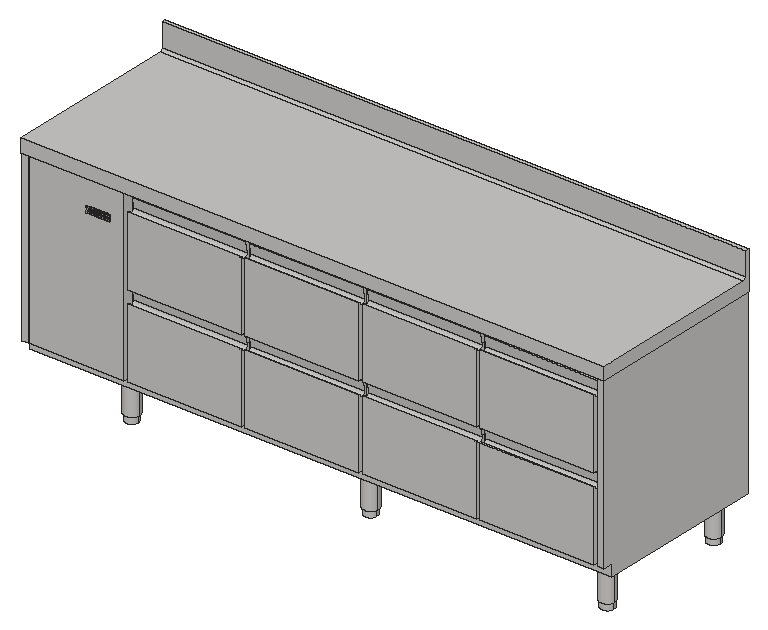
Revit family "QF_ZANUSSI_111064_ZH4H3BBBB", category Specialty Equipment, Revit 2018 (continued)
Definition of nested family "ZAN_Cooling Unit"
  Lines and regions (mm)
    Split face 127
      outline origin (55.016, 2, -269.136) x (0, 0, 1) y (-1, 0, 0)
        loop
          arc (510.649, 158.547) -> (506.648, 162.548) -> (502.647, 158.547) r 4.001
          line (502.647, 158.547) -> (502.647, 116.535)
          arc (502.647, 116.535) -> (506.648, 112.533) -> (510.649, 116.535) r 4.001
          line (510.649, 116.535) -> (510.649, 158.547)
    Split face 128
      outline origin (55.016, 2, -281.14) x (0, 0, 1) y (-1, 0, 0)
        loop
          arc (510.649, 158.547) -> (506.648, 162.548) -> (502.647, 158.547) r 4.001
          line (502.647, 158.547) -> (502.647, 116.535)
          arc (502.647, 116.535) -> (506.648, 112.533) -> (510.649, 116.535) r 4.001
          line (510.649, 116.535) -> (510.649, 158.547)
    Split face 129
      outline origin (55.016, 2, -293.144) x (0, 0, 1) y (-1, 0, 0)
        loop
          arc (510.649, 158.547) -> (506.648, 162.548) -> (502.647, 158.547) r 4.001
          line (502.647, 158.547) -> (502.647, 116.535)
          arc (502.647, 116.535) -> (506.648, 112.533) -> (510.649, 116.535) r 4.001
          line (510.649, 116.535) -> (510.649, 158.547)
    Split face 130
      outline origin (110.032, 2, -113.091) x (0, 0, 1) y (-1, 0, 0)
        loop
          arc (510.649, 158.547) -> (506.648, 162.548) -> (502.647, 158.547) r 4.001
          line (502.647, 158.547) -> (502.647, 116.535)
          arc (502.647, 116.535) -> (506.648, 112.533) -> (510.649, 116.535) r 4.001
          line (510.649, 116.535) -> (510.649, 158.547)
    Split face 131
      outline origin (110.032, 2, -125.094) x (0, 0, 1) y (-1, 0, 0)
        loop
          arc (510.649, 158.547) -> (506.648, 162.548) -> (502.647, 158.547) r 4.001
          line (502.647, 158.547) -> (502.647, 116.535)
          arc (502.647, 116.535) -> (506.648, 112.533) -> (510.649, 116.535) r 4.001
          line (510.649, 116.535) -> (510.649, 158.547)
    Split face 132
      outline origin (110.032, 2, -137.098) x (0, 0, 1) y (-1, 0, 0)
        loop
          arc (510.649, 158.547) -> (506.648, 162.548) -> (502.647, 158.547) r 4.001
          line (502.647, 158.547) -> (502.647, 116.535)
          arc (502.647, 116.535) -> (506.648, 112.533) -> (510.649, 116.535) r 4.001
          line (510.649, 116.535) -> (510.649, 158.547)
    Split face 133
      outline origin (110.032, 2, -149.101) x (0, 0, 1) y (-1, 0, 0)
        loop
          arc (510.649, 158.547) -> (506.648, 162.548) -> (502.647, 158.547) r 4.001
          line (502.647, 158.547) -> (502.647, 116.535)
          arc (502.647, 116.535) -> (506.648, 112.533) -> (510.649, 116.535) r 4.001
          line (510.649, 116.535) -> (510.649, 158.547)
    Split face 134
      outline origin (110.032, 2, -161.105) x (0, 0, 1) y (-1, 0, 0)
        loop
          arc (510.649, 158.547) -> (506.648, 162.548) -> (502.647, 158.547) r 4.001
          line (502.647, 158.547) -> (502.647, 116.535)
          arc (502.647, 116.535) -> (506.648, 112.533) -> (510.649, 116.535) r 4.001
          line (510.649, 116.535) -> (510.649, 158.547)
    Split face 135
      outline origin (110.032, 2, -173.108) x (0, 0, 1) y (-1, 0, 0)
        loop
          arc (510.649, 158.547) -> (506.648, 162.548) -> (502.647, 158.547) r 4.001
          line (502.647, 158.547) -> (502.647, 116.535)
          arc (502.647, 116.535) -> (506.648, 112.533) -> (510.649, 116.535) r 4.001
          line (510.649, 116.535) -> (510.649, 158.547)
    Split face 136
      outline origin (110.032, 2, -185.112) x (0, 0, 1) y (-1, 0, 0)
        loop
          arc (510.649, 158.547) -> (506.648, 162.548) -> (502.647, 158.547) r 4.001
          line (502.647, 158.547) -> (502.647, 116.535)
          arc (502.647, 116.535) -> (506.648, 112.533) -> (510.649, 116.535) r 4.001
          line (510.649, 116.535) -> (510.649, 158.547)
    Split face 137
      outline origin (110.032, 2, -197.115) x (0, 0, 1) y (-1, 0, 0)
        loop
          arc (510.649, 158.547) -> (506.648, 162.548) -> (502.647, 158.547) r 4.001
          line (502.647, 158.547) -> (502.647, 116.535)
          arc (502.647, 116.535) -> (506.648, 112.533) -> (510.649, 116.535) r 4.001
          line (510.649, 116.535) -> (510.649, 158.547)
    Split face 138
      outline origin (110.032, 2, -209.119) x (0, 0, 1) y (-1, 0, 0)
        loop
          arc (510.649, 158.547) -> (506.648, 162.548) -> (502.647, 158.547) r 4.001
          line (502.647, 158.547) -> (502.647, 116.535)
          arc (502.647, 116.535) -> (506.648, 112.533) -> (510.649, 116.535) r 4.001
          line (510.649, 116.535) -> (510.649, 158.547)
    Split face 139
      outline origin (110.032, 2, -221.122) x (0, 0, 1) y (-1, 0, 0)
        loop
          arc (510.649, 158.547) -> (506.648, 162.548) -> (502.647, 158.547) r 4.001
          line (502.647, 158.547) -> (502.647, 116.535)
          arc (502.647, 116.535) -> (506.648, 112.533) -> (510.649, 116.535) r 4.001
          line (510.649, 116.535) -> (510.649, 158.547)
    Split face 140
      outline origin (110.032, 2, -233.126) x (0, 0, 1) y (-1, 0, 0)
        loop
          arc (510.649, 158.547) -> (506.648, 162.548) -> (502.647, 158.547) r 4.001
          line (502.647, 158.547) -> (502.647, 116.535)
          arc (502.647, 116.535) -> (506.648, 112.533) -> (510.649, 116.535) r 4.001
          line (510.649, 116.535) -> (510.649, 158.547)
    Split face 141
      outline origin (110.032, 2, -245.129) x (0, 0, 1) y (-1, 0, 0)
        loop
          arc (510.649, 158.547) -> (506.648, 162.548) -> (502.647, 158.547) r 4.001
          line (502.647, 158.547) -> (502.647, 116.535)
          arc (502.647, 116.535) -> (506.648, 112.533) -> (510.649, 116.535) r 4.001
          line (510.649, 116.535) -> (510.649, 158.547)
    Split face 142
      outline origin (110.032, 2, -257.133) x (0, 0, 1) y (-1, 0, 0)
        loop
          arc (510.649, 158.547) -> (506.648, 162.548) -> (502.647, 158.547) r 4.001
          line (502.647, 158.547) -> (502.647, 116.535)
          arc (502.647, 116.535) -> (506.648, 112.533) -> (510.649, 116.535) r 4.001
          line (510.649, 116.535) -> (510.649, 158.547)
    Split face 143
      outline origin (110.032, 2, -269.136) x (0, 0, 1) y (-1, 0, 0)
        loop
          arc (510.649, 158.547) -> (506.648, 162.548) -> (502.647, 158.547) r 4.001
          line (502.647, 158.547) -> (502.647, 116.535)
          arc (502.647, 116.535) -> (506.648, 112.533) -> (510.649, 116.535) r 4.001
          line (510.649, 116.535) -> (510.649, 158.547)
    Split face 144
      outline origin (110.032, 2, -281.14) x (0, 0, 1) y (-1, 0, 0)
        loop
          arc (510.649, 158.547) -> (506.648, 162.548) -> (502.647, 158.547) r 4.001
          line (502.647, 158.547) -> (502.647, 116.535)
          arc (502.647, 116.535) -> (506.648, 112.533) -> (510.649, 116.535) r 4.001
          line (510.649, 116.535) -> (510.649, 158.547)
    Split face 145
      outline origin (110.032, 2, -293.144) x (0, 0, 1) y (-1, 0, 0)
        loop
          arc (510.649, 158.547) -> (506.648, 162.548) -> (502.647, 158.547) r 4.001
          line (502.647, 158.547) -> (502.647, 116.535)
          arc (502.647, 116.535) -> (506.648, 112.533) -> (510.649, 116.535) r 4.001
          line (510.649, 116.535) -> (510.649, 158.547)
    Split face 146
      outline origin (165.048, 2, -113.091) x (0, 0, 1) y (-1, 0, 0)
        loop
          arc (510.649, 158.547) -> (506.648, 162.548) -> (502.647, 158.547) r 4.001
          line (502.647, 158.547) -> (502.647, 116.535)
          arc (502.647, 116.535) -> (506.648, 112.533) -> (510.649, 116.535) r 4.001
          line (510.649, 116.535) -> (510.649, 158.547)
    Split face 147
      outline origin (165.048, 2, -125.094) x (0, 0, 1) y (-1, 0, 0)
        loop
          arc (510.649, 158.547) -> (506.648, 162.548) -> (502.647, 158.547) r 4.001
          line (502.647, 158.547) -> (502.647, 116.535)
          arc (502.647, 116.535) -> (506.648, 112.533) -> (510.649, 116.535) r 4.001
          line (510.649, 116.535) -> (510.649, 158.547)
    Split face 148
      outline origin (165.048, 2, -137.098) x (0, 0, 1) y (-1, 0, 0)
        loop
          arc (510.649, 158.547) -> (506.648, 162.548) -> (502.647, 158.547) r 4.001
          line (502.647, 158.547) -> (502.647, 116.535)
          arc (502.647, 116.535) -> (506.648, 112.533) -> (510.649, 116.535) r 4.001
          line (510.649, 116.535) -> (510.649, 158.547)
    Split face 149
      outline origin (165.048, 2, -149.101) x (0, 0, 1) y (-1, 0, 0)
        loop
          arc (510.649, 158.547) -> (506.648, 162.548) -> (502.647, 158.547) r 4.001
          line (502.647, 158.547) -> (502.647, 116.535)
          arc (502.647, 116.535) -> (506.648, 112.533) -> (510.649, 116.535) r 4.001
          line (510.649, 116.535) -> (510.649, 158.547)
    Split face 150
      outline origin (165.048, 2, -161.105) x (0, 0, 1) y (-1, 0, 0)
        loop
          arc (510.649, 158.547) -> (506.648, 162.548) -> (502.647, 158.547) r 4.001
          line (502.647, 158.547) -> (502.647, 116.535)
          arc (502.647, 116.535) -> (506.648, 112.533) -> (510.649, 116.535) r 4.001
          line (510.649, 116.535) -> (510.649, 158.547)
    Split face 151
      outline origin (165.048, 2, -173.108) x (0, 0, 1) y (-1, 0, 0)
        loop
          arc (510.649, 158.547) -> (506.648, 162.548) -> (502.647, 158.547) r 4.001
          line (502.647, 158.547) -> (502.647, 116.535)
          arc (502.647, 116.535) -> (506.648, 112.533) -> (510.649, 116.535) r 4.001
          line (510.649, 116.535) -> (510.649, 158.547)
    Split face 152
      outline origin (165.048, 2, -185.112) x (0, 0, 1) y (-1, 0, 0)
        loop
          arc (510.649, 158.547) -> (506.648, 162.548) -> (502.647, 158.547) r 4.001
          line (502.647, 158.547) -> (502.647, 116.535)
          arc (502.647, 116.535) -> (506.648, 112.533) -> (510.649, 116.535) r 4.001
          line (510.649, 116.535) -> (510.649, 158.547)
    Split face 153
      outline origin (165.048, 2, -197.115) x (0, 0, 1) y (-1, 0, 0)
        loop
          arc (510.649, 158.547) -> (506.648, 162.548) -> (502.647, 158.547) r 4.001
          line (502.647, 158.547) -> (502.647, 116.535)
          arc (502.647, 116.535) -> (506.648, 112.533) -> (510.649, 116.535) r 4.001
          line (510.649, 116.535) -> (510.649, 158.547)
    Split face 154
      outline origin (165.048, 2, -209.119) x (0, 0, 1) y (-1, 0, 0)
        loop
          arc (510.649, 158.547) -> (506.648, 162.548) -> (502.647, 158.547) r 4.001
          line (502.647, 158.547) -> (502.647, 116.535)
          arc (502.647, 116.535) -> (506.648, 112.533) -> (510.649, 116.535) r 4.001
          line (510.649, 116.535) -> (510.649, 158.547)
    Split face 155
      outline origin (165.048, 2, -221.122) x (0, 0, 1) y (-1, 0, 0)
        loop
          arc (510.649, 158.547) -> (506.648, 162.548) -> (502.647, 158.547) r 4.001
          line (502.647, 158.547) -> (502.647, 116.535)
          arc (502.647, 116.535) -> (506.648, 112.533) -> (510.649, 116.535) r 4.001
          line (510.649, 116.535) -> (510.649, 158.547)
    Split face 156
      outline origin (165.048, 2, -233.126) x (0, 0, 1) y (-1, 0, 0)
        loop
          arc (510.649, 158.547) -> (506.648, 162.548) -> (502.647, 158.547) r 4.001
          line (502.647, 158.547) -> (502.647, 116.535)
          arc (502.647, 116.535) -> (506.648, 112.533) -> (510.649, 116.535) r 4.001
          line (510.649, 116.535) -> (510.649, 158.547)
    Split face 157
      outline origin (165.048, 2, -245.129) x (0, 0, 1) y (-1, 0, 0)
        loop
          arc (510.649, 158.547) -> (506.648, 162.548) -> (502.647, 158.547) r 4.001
          line (502.647, 158.547) -> (502.647, 116.535)
          arc (502.647, 116.535) -> (506.648, 112.533) -> (510.649, 116.535) r 4.001
          line (510.649, 116.535) -> (510.649, 158.547)
    Split face 158
      outline origin (165.048, 2, -257.133) x (0, 0, 1) y (-1, 0, 0)
        loop
          arc (510.649, 158.547) -> (506.648, 162.548) -> (502.647, 158.547) r 4.001
          line (502.647, 158.547) -> (502.647, 116.535)
          arc (502.647, 116.535) -> (506.648, 112.533) -> (510.649, 116.535) r 4.001
          line (510.649, 116.535) -> (510.649, 158.547)
    Split face 159
      outline origin (165.048, 2, -269.136) x (0, 0, 1) y (-1, 0, 0)
        loop
          arc (510.649, 158.547) -> (506.648, 162.548) -> (502.647, 158.547) r 4.001
          line (502.647, 158.547) -> (502.647, 116.535)
          arc (502.647, 116.535) -> (506.648, 112.533) -> (510.649, 116.535) r 4.001
          line (510.649, 116.535) -> (510.649, 158.547)
    Split face 160
      outline origin (165.048, 2, -281.14) x (0, 0, 1) y (-1, 0, 0)
        loop
          arc (510.649, 158.547) -> (506.648, 162.548) -> (502.647, 158.547) r 4.001
          line (502.647, 158.547) -> (502.647, 116.535)
          arc (502.647, 116.535) -> (506.648, 112.533) -> (510.649, 116.535) r 4.001
          line (510.649, 116.535) -> (510.649, 158.547)
    Split face 161
      outline origin (165.048, 2, -293.144) x (0, 0, 1) y (-1, 0, 0)
        loop
          arc (510.649, 158.547) -> (506.648, 162.548) -> (502.647, 158.547) r 4.001
          line (502.647, 158.547) -> (502.647, 116.535)
          arc (502.647, 116.535) -> (506.648, 112.533) -> (510.649, 116.535) r 4.001
          line (510.649, 116.535) -> (510.649, 158.547)
    Split face 162
      outline origin (220.064, 2, -113.091) x (0, 0, 1) y (-1, 0, 0)
        loop
          arc (510.649, 158.547) -> (506.648, 162.548) -> (502.647, 158.547) r 4.001
          line (502.647, 158.547) -> (502.647, 116.535)
          arc (502.647, 116.535) -> (506.648, 112.533) -> (510.649, 116.535) r 4.001
          line (510.649, 116.535) -> (510.649, 158.547)
    Split face 163
      outline origin (220.064, 2, -125.094) x (0, 0, 1) y (-1, 0, 0)
        loop
          arc (510.649, 158.547) -> (506.648, 162.548) -> (502.647, 158.547) r 4.001
          line (502.647, 158.547) -> (502.647, 116.535)
          arc (502.647, 116.535) -> (506.648, 112.533) -> (510.649, 116.535) r 4.001
          line (510.649, 116.535) -> (510.649, 158.547)
    Split face 164
      outline origin (220.064, 2, -137.098) x (0, 0, 1) y (-1, 0, 0)
        loop
          arc (510.649, 158.547) -> (506.648, 162.548) -> (502.647, 158.547) r 4.001
          line (502.647, 158.547) -> (502.647, 116.535)
          arc (502.647, 116.535) -> (506.648, 112.533) -> (510.649, 116.535) r 4.001
          line (510.649, 116.535) -> (510.649, 158.547)
    Split face 165
      outline origin (220.064, 2, -149.101) x (0, 0, 1) y (-1, 0, 0)
        loop
          arc (510.649, 158.547) -> (506.648, 162.548) -> (502.647, 158.547) r 4.001
          line (502.647, 158.547) -> (502.647, 116.535)
          arc (502.647, 116.535) -> (506.648, 112.533) -> (510.649, 116.535) r 4.001
          line (510.649, 116.535) -> (510.649, 158.547)
    Split face 166
      outline origin (220.064, 2, -161.105) x (0, 0, 1) y (-1, 0, 0)
        loop
          arc (510.649, 158.547) -> (506.648, 162.548) -> (502.647, 158.547) r 4.001
          line (502.647, 158.547) -> (502.647, 116.535)
          arc (502.647, 116.535) -> (506.648, 112.533) -> (510.649, 116.535) r 4.001
          line (510.649, 116.535) -> (510.649, 158.547)
    Split face 167
      outline origin (220.064, 2, -173.108) x (0, 0, 1) y (-1, 0, 0)
        loop
          arc (510.649, 158.547) -> (506.648, 162.548) -> (502.647, 158.547) r 4.001
          line (502.647, 158.547) -> (502.647, 116.535)
          arc (502.647, 116.535) -> (506.648, 112.533) -> (510.649, 116.535) r 4.001
          line (510.649, 116.535) -> (510.649, 158.547)
    Split face 168
      outline origin (220.064, 2, -185.112) x (0, 0, 1) y (-1, 0, 0)
        loop
          arc (510.649, 158.547) -> (506.648, 162.548) -> (502.647, 158.547) r 4.001
          line (502.647, 158.547) -> (502.647, 116.535)
          arc (502.647, 116.535) -> (506.648, 112.533) -> (510.649, 116.535) r 4.001
          line (510.649, 116.535) -> (510.649, 158.547)
    Split face 169
      outline origin (220.064, 2, -197.115) x (0, 0, 1) y (-1, 0, 0)
        loop
          arc (510.649, 158.547) -> (506.648, 162.548) -> (502.647, 158.547) r 4.001
          line (502.647, 158.547) -> (502.647, 116.535)
          arc (502.647, 116.535) -> (506.648, 112.533) -> (510.649, 116.535) r 4.001
          line (510.649, 116.535) -> (510.649, 158.547)
    Split face 170
      outline origin (220.064, 2, -209.119) x (0, 0, 1) y (-1, 0, 0)
        loop
          arc (510.649, 158.547) -> (506.648, 162.548) -> (502.647, 158.547) r 4.001
          line (502.647, 158.547) -> (502.647, 116.535)
          arc (502.647, 116.535) -> (506.648, 112.533) -> (510.649, 116.535) r 4.001
          line (510.649, 116.535) -> (510.649, 158.547)
    Split face 171
      outline origin (220.064, 2, -221.122) x (0, 0, 1) y (-1, 0, 0)
        loop
          arc (510.649, 158.547) -> (506.648, 162.548) -> (502.647, 158.547) r 4.001
          line (502.647, 158.547) -> (502.647, 116.535)
          arc (502.647, 116.535) -> (506.648, 112.533) -> (510.649, 116.535) r 4.001
          line (510.649, 116.535) -> (510.649, 158.547)
    Split face 172
      outline origin (220.064, 2, -233.126) x (0, 0, 1) y (-1, 0, 0)
        loop
          arc (510.649, 158.547) -> (506.648, 162.548) -> (502.647, 158.547) r 4.001
          line (502.647, 158.547) -> (502.647, 116.535)
          arc (502.647, 116.535) -> (506.648, 112.533) -> (510.649, 116.535) r 4.001
          line (510.649, 116.535) -> (510.649, 158.547)
    Split face 173
      outline origin (220.064, 2, -245.129) x (0, 0, 1) y (-1, 0, 0)
        loop
          arc (510.649, 158.547) -> (506.648, 162.548) -> (502.647, 158.547) r 4.001
          line (502.647, 158.547) -> (502.647, 116.535)
          arc (502.647, 116.535) -> (506.648, 112.533) -> (510.649, 116.535) r 4.001
          line (510.649, 116.535) -> (510.649, 158.547)
    Split face 174
      outline origin (220.064, 2, -257.133) x (0, 0, 1) y (-1, 0, 0)
        loop
          arc (510.649, 158.547) -> (506.648, 162.548) -> (502.647, 158.547) r 4.001
          line (502.647, 158.547) -> (502.647, 116.535)
          arc (502.647, 116.535) -> (506.648, 112.533) -> (510.649, 116.535) r 4.001
          line (510.649, 116.535) -> (510.649, 158.547)
    Split face 175
      outline origin (220.064, 2, -269.136) x (0, 0, 1) y (-1, 0, 0)
        loop
          arc (510.649, 158.547) -> (506.648, 162.548) -> (502.647, 158.547) r 4.001
          line (502.647, 158.547) -> (502.647, 116.535)
          arc (502.647, 116.535) -> (506.648, 112.533) -> (510.649, 116.535) r 4.001
          line (510.649, 116.535) -> (510.649, 158.547)
    Split face 176
      outline origin (220.064, 2, -281.14) x (0, 0, 1) y (-1, 0, 0)
        loop
          arc (510.649, 158.547) -> (506.648, 162.548) -> (502.647, 158.547) r 4.001
          line (502.647, 158.547) -> (502.647, 116.535)
          arc (502.647, 116.535) -> (506.648, 112.533) -> (510.649, 116.535) r 4.001
          line (510.649, 116.535) -> (510.649, 158.547)
    Split face 177
      outline origin (220.064, 2, -293.144) x (0, 0, 1) y (-1, 0, 0)
        loop
          arc (510.649, 158.547) -> (506.648, 162.548) -> (502.647, 158.547) r 4.001
          line (502.647, 158.547) -> (502.647, 116.535)
          arc (502.647, 116.535) -> (506.648, 112.533) -> (510.649, 116.535) r 4.001
          line (510.649, 116.535) -> (510.649, 158.547)
    Split face 178
      outline origin (275.081, 2, -113.091) x (0, 0, 1) y (-1, 0, 0)
        loop
          arc (510.649, 158.547) -> (506.648, 162.548) -> (502.647, 158.547) r 4.001
          line (502.647, 158.547) -> (502.647, 116.535)
          arc (502.647, 116.535) -> (506.648, 112.533) -> (510.649, 116.535) r 4.001
          line (510.649, 116.535) -> (510.649, 158.547)
    Split face 179
      outline origin (275.081, 2, -125.094) x (0, 0, 1) y (-1, 0, 0)
        loop
          arc (510.649, 158.547) -> (506.648, 162.548) -> (502.647, 158.547) r 4.001
          line (502.647, 158.547) -> (502.647, 116.535)
          arc (502.647, 116.535) -> (506.648, 112.533) -> (510.649, 116.535) r 4.001
          line (510.649, 116.535) -> (510.649, 158.547)
    Split face 180
      outline origin (275.081, 2, -137.098) x (0, 0, 1) y (-1, 0, 0)
        loop
          arc (510.649, 158.547) -> (506.648, 162.548) -> (502.647, 158.547) r 4.001
          line (502.647, 158.547) -> (502.647, 116.535)
          arc (502.647, 116.535) -> (506.648, 112.533) -> (510.649, 116.535) r 4.001
          line (510.649, 116.535) -> (510.649, 158.547)
    Split face 181
      outline origin (275.081, 2, -149.101) x (0, 0, 1) y (-1, 0, 0)
        loop
          arc (510.649, 158.547) -> (506.648, 162.548) -> (502.647, 158.547) r 4.001
          line (502.647, 158.547) -> (502.647, 116.535)
          arc (502.647, 116.535) -> (506.648, 112.533) -> (510.649, 116.535) r 4.001
          line (510.649, 116.535) -> (510.649, 158.547)
    Split face 182
      outline origin (275.081, 2, -161.105) x (0, 0, 1) y (-1, 0, 0)
        loop
          arc (510.649, 158.547) -> (506.648, 162.548) -> (502.647, 158.547) r 4.001
          line (502.647, 158.547) -> (502.647, 116.535)
          arc (502.647, 116.535) -> (506.648, 112.533) -> (510.649, 116.535) r 4.001
          line (510.649, 116.535) -> (510.649, 158.547)
    Split face 183
      outline origin (275.081, 2, -173.108) x (0, 0, 1) y (-1, 0, 0)
        loop
          arc (510.649, 158.547) -> (506.648, 162.548) -> (502.647, 158.547) r 4.001
          line (502.647, 158.547) -> (502.647, 116.535)
          arc (502.647, 116.535) -> (506.648, 112.533) -> (510.649, 116.535) r 4.001
          line (510.649, 116.535) -> (510.649, 158.547)
    Split face 184
      outline origin (275.081, 2, -185.112) x (0, 0, 1) y (-1, 0, 0)
        loop
          arc (510.649, 158.547) -> (506.648, 162.548) -> (502.647, 158.547) r 4.001
          line (502.647, 158.547) -> (502.647, 116.535)
          arc (502.647, 116.535) -> (506.648, 112.533) -> (510.649, 116.535) r 4.001
          line (510.649, 116.535) -> (510.649, 158.547)
    Split face 185
      outline origin (275.081, 2, -197.115) x (0, 0, 1) y (-1, 0, 0)
        loop
          arc (510.649, 158.547) -> (506.648, 162.548) -> (502.647, 158.547) r 4.001
          line (502.647, 158.547) -> (502.647, 116.535)
          arc (502.647, 116.535) -> (506.648, 112.533) -> (510.649, 116.535) r 4.001
          line (510.649, 116.535) -> (510.649, 158.547)
    Split face 186
      outline origin (275.081, 2, -209.119) x (0, 0, 1) y (-1, 0, 0)
        loop
          arc (510.649, 158.547) -> (506.648, 162.548) -> (502.647, 158.547) r 4.001
          line (502.647, 158.547) -> (502.647, 116.535)
          arc (502.647, 116.535) -> (506.648, 112.533) -> (510.649, 116.535) r 4.001
          line (510.649, 116.535) -> (510.649, 158.547)
    Split face 187
      outline origin (275.081, 2, -221.122) x (0, 0, 1) y (-1, 0, 0)
        loop
          arc (510.649, 158.547) -> (506.648, 162.548) -> (502.647, 158.547) r 4.001
          line (502.647, 158.547) -> (502.647, 116.535)
          arc (502.647, 116.535) -> (506.648, 112.533) -> (510.649, 116.535) r 4.001
          line (510.649, 116.535) -> (510.649, 158.547)
    Split face 188
      outline origin (275.081, 2, -233.126) x (0, 0, 1) y (-1, 0, 0)
        loop
          arc (510.649, 158.547) -> (506.648, 162.548) -> (502.647, 158.547) r 4.001
          line (502.647, 158.547) -> (502.647, 116.535)
          arc (502.647, 116.535) -> (506.648, 112.533) -> (510.649, 116.535) r 4.001
          line (510.649, 116.535) -> (510.649, 158.547)
    Split face 189
      outline origin (275.081, 2, -245.129) x (0, 0, 1) y (-1, 0, 0)
        loop
          arc (510.649, 158.547) -> (506.648, 162.548) -> (502.647, 158.547) r 4.001
          line (502.647, 158.547) -> (502.647, 116.535)
          arc (502.647, 116.535) -> (506.648, 112.533) -> (510.649, 116.535) r 4.001
          line (510.649, 116.535) -> (510.649, 158.547)
    Split face 190
      outline origin (275.081, 2, -257.133) x (0, 0, 1) y (-1, 0, 0)
        loop
          arc (510.649, 158.547) -> (506.648, 162.548) -> (502.647, 158.547) r 4.001
          line (502.647, 158.547) -> (502.647, 116.535)
          arc (502.647, 116.535) -> (506.648, 112.533) -> (510.649, 116.535) r 4.001
          line (510.649, 116.535) -> (510.649, 158.547)
    Split face 191
      outline origin (275.081, 2, -269.136) x (0, 0, 1) y (-1, 0, 0)
        loop
          arc (510.649, 158.547) -> (506.648, 162.548) -> (502.647, 158.547) r 4.001
          line (502.647, 158.547) -> (502.647, 116.535)
          arc (502.647, 116.535) -> (506.648, 112.533) -> (510.649, 116.535) r 4.001
          line (510.649, 116.535) -> (510.649, 158.547)
    Split face 192
      outline origin (275.081, 2, -281.14) x (0, 0, 1) y (-1, 0, 0)
        loop
          arc (510.649, 158.547) -> (506.648, 162.548) -> (502.647, 158.547) r 4.001
          line (502.647, 158.547) -> (502.647, 116.535)
          arc (502.647, 116.535) -> (506.648, 112.533) -> (510.649, 116.535) r 4.001
          line (510.649, 116.535) -> (510.649, 158.547)
    Split face 193
      outline origin (275.081, 2, -293.144) x (0, 0, 1) y (-1, 0, 0)
        loop
          arc (510.649, 158.547) -> (506.648, 162.548) -> (502.647, 158.547) r 4.001
          line (502.647, 158.547) -> (502.647, 116.535)
          arc (502.647, 116.535) -> (506.648, 112.533) -> (510.649, 116.535) r 4.001
          line (510.649, 116.535) -> (510.649, 158.547)
    Split face 194
      outline origin (0, 2, 197) x (0, 0, 1) y (-1, 0, 0)
        loop
          spline (566.835, 20.381) -> (564.628, 19.058) -> (561.987, 18.027) -> (558.955, 17.386) -> (555.581, 17.244) -> (551.912, 17.703) -> (547.993, 18.863) -> (543.871, 20.83) -> (539.591, 23.706) -> (535.202, 27.594) -> (530.748, 32.597) -> (526.28, 38.824) -> (521.835, 46.362)
        loop
          spline (521.835, 58.392) -> (525.386, 49.242) -> (529.197, 41.481) -> (533.2, 35.023) -> (537.329, 29.786) -> (541.516, 25.684) -> (545.695, 22.634) -> (549.798, 20.552) -> (553.759, 19.355) -> (557.511, 18.958) -> (560.984, 19.275) -> (564.115, 20.227) -> (566.835, 21.726)
    Split face 195
      outline origin (0, 2, 197) x (0, 0, 1) y (-1, 0, 0)
        loop
          line (555.835, 149.5) -> (532.835, 149.5) -> (532.835, 94.5) -> (555.835, 94.5) -> (555.835, 149.5)
  Dimensions and locks
    aligned and locked: level to plane 2
  Nested families
    nested 1: "ZAN_Logo_S_Grey" at (85, 2, 741.213) x (1, 0, 0) z (0, -1, 0), visible <- "Show Logo", type "ZAN_Logo_S_Grey"
  Definition of nested family "ZAN_Logo_S_Grey"
    Parameters
      Default Elevation = 0 mm
    Reference planes
      plane 1 "Centro (Fronte/Retro)": y = 0
      plane 2: z = 0
      plane 3 "Centro (Sinistra/Destra)": x = 0
    Forms (mm)
      Extrusion 1, solid
        sketch origin (0, 0, 0) x (1, 0, 0) y (0, 1, 0)
          loop
            line (-1219.2, 1219.2) -> (-1219.2, -1219.2) -> (1219.2, -1219.2) -> (1219.2, 1219.2) -> (-1219.2, 1219.2)
        from 0 to -304.8
      Extrusion 2, solid
        sketch origin (17.793, -46.218, 0) x (-1, 0, 0) y (0, -1, 0)
          loop
            spline (-4.176, -58.079) -> (-3.496, -58.328) -> (-2.793, -58.512) -> (-2.075, -58.63) -> (-1.348, -58.682) -> (-0.619, -58.669) -> (0.106, -58.588) -> (0.818, -58.44) -> (1.512, -58.225) -> (2.18, -57.941) -> (2.817, -57.589) -> (3.414, -57.167) -> (3.966, -56.676)
            spline (3.966, -56.676) -> (4.293, -56.162) -> (4.575, -55.61) -> (4.81, -55.026) -> (5, -54.419) -> (5.146, -53.797) -> (5.247, -53.166) -> (5.304, -52.536) -> (5.318, -51.913) -> (5.288, -51.306) -> (5.217, -50.723) -> (5.103, -50.17) -> (4.949, -49.657)
            line (4.949, -49.657) -> (2.702, -46.428) -> (0.316, -44.323)
            spline (0.316, -44.323) -> (0.065, -44.115) -> (-0.195, -43.909) -> (-0.46, -43.704) -> (-0.729, -43.496) -> (-0.997, -43.282) -> (-1.263, -43.059) -> (-1.523, -42.825) -> (-1.774, -42.576) -> (-2.013, -42.309) -> (-2.238, -42.022) -> (-2.445, -41.712) -> (-2.632, -41.375)
            spline (-2.632, -41.375) -> (-2.666, -41.159) -> (-2.697, -40.934) -> (-2.722, -40.701) -> (-2.736, -40.465) -> (-2.736, -40.227) -> (-2.72, -39.989) -> (-2.682, -39.754) -> (-2.621, -39.524) -> (-2.533, -39.302) -> (-2.414, -39.091) -> (-2.261, -38.892) -> (-2.07, -38.708)
            line (-2.07, -38.708) -> (-0.245, -38.567)
            spline (-0.245, -38.567) -> (0.096, -38.8) -> (0.354, -39.074) -> (0.54, -39.381) -> (0.664, -39.716) -> (0.738, -40.073) -> (0.772, -40.445) -> (0.777, -40.825) -> (0.763, -41.208) -> (0.742, -41.588) -> (0.723, -41.957) -> (0.718, -42.309) -> (0.737, -42.638)
            line (0.737, -42.638) -> (5.65, -42.638)
            spline (5.65, -42.638) -> (5.708, -42.042) -> (5.741, -41.448) -> (5.747, -40.857) -> (5.723, -40.273) -> (5.668, -39.696) -> (5.58, -39.129) -> (5.457, -38.574) -> (5.297, -38.032) -> (5.098, -37.506) -> (4.857, -36.997) -> (4.574, -36.508) -> (4.247, -36.041)
            spline (4.247, -36.041) -> (3.844, -35.675) -> (3.409, -35.35) -> (2.946, -35.065) -> (2.458, -34.819) -> (1.949, -34.612) -> (1.421, -34.444) -> (0.88, -34.314) -> (0.326, -34.221) -> (-0.234, -34.165) -> (-0.8, -34.146) -> (-1.366, -34.163) -> (-1.93, -34.216)
            spline (-1.93, -34.216) -> (-2.526, -34.309) -> (-3.116, -34.448) -> (-3.695, -34.633) -> (-4.259, -34.861) -> (-4.801, -35.131) -> (-5.316, -35.444) -> (-5.799, -35.798) -> (-6.245, -36.191) -> (-6.648, -36.624) -> (-7.002, -37.095) -> (-7.303, -37.603) -> (-7.545, -38.146)
            spline (-7.545, -38.146) -> (-7.694, -38.815) -> (-7.792, -39.487) -> (-7.839, -40.158) -> (-7.836, -40.824) -> (-7.785, -41.482) -> (-7.685, -42.129) -> (-7.539, -42.762) -> (-7.347, -43.377) -> (-7.111, -43.97) -> (-6.83, -44.538) -> (-6.506, -45.078) -> (-6.141, -45.586)
            line (-6.141, -45.586) -> (-0.526, -50.64) -> (0.176, -51.482)
            spline (0.176, -51.482) -> (0.248, -51.66) -> (0.323, -51.843) -> (0.397, -52.03) -> (0.467, -52.22) -> (0.529, -52.412) -> (0.579, -52.605) -> (0.615, -52.798) -> (0.633, -52.989) -> (0.63, -53.179) -> (0.601, -53.366) -> (0.545, -53.55) -> (0.456, -53.728)
            spline (0.456, -53.728) -> (0.375, -53.892) -> (0.273, -54.034) -> (0.154, -54.155) -> (0.02, -54.258) -> (-0.126, -54.343) -> (-0.28, -54.412) -> (-0.441, -54.466) -> (-0.604, -54.508) -> (-0.767, -54.537) -> (-0.928, -54.556) -> (-1.082, -54.567) -> (-1.228, -54.57)
            line (-1.228, -54.57) -> (-2.632, -53.587) -> (-2.772, -50.64) -> (-7.405, -50.64)
            spline (-7.405, -50.64) -> (-7.41, -51.031) -> (-7.423, -51.432) -> (-7.44, -51.839) -> (-7.456, -52.251) -> (-7.469, -52.665) -> (-7.475, -53.079) -> (-7.468, -53.489) -> (-7.446, -53.894) -> (-7.404, -54.291) -> (-7.339, -54.679) -> (-7.247, -55.053) -> (-7.123, -55.412)
            spline (-7.123, -55.412) -> (-6.999, -55.693) -> (-6.837, -55.97) -> (-6.643, -56.244) -> (-6.422, -56.509) -> (-6.177, -56.765) -> (-5.913, -57.009) -> (-5.634, -57.238) -> (-5.346, -57.45) -> (-5.051, -57.643) -> (-4.755, -57.814) -> (-4.462, -57.96) -> (-4.176, -58.079)
          loop
            spline (-21.021, -55.552) -> (-20.633, -56.181) -> (-20.177, -56.736) -> (-19.661, -57.217) -> (-19.092, -57.627) -> (-18.478, -57.966) -> (-17.827, -58.237) -> (-17.147, -58.441) -> (-16.446, -58.578) -> (-15.73, -58.652) -> (-15.009, -58.662) -> (-14.29, -58.611) -> (-13.581, -58.5)
            spline (-13.581, -58.5) -> (-13.088, -58.407) -> (-12.595, -58.269) -> (-12.109, -58.088) -> (-11.636, -57.866) -> (-11.183, -57.605) -> (-10.756, -57.307) -> (-10.361, -56.974) -> (-10.004, -56.608) -> (-9.692, -56.211) -> (-9.431, -55.784) -> (-9.228, -55.33) -> (-9.089, -54.851)
            spline (-9.089, -54.851) -> (-8.873, -54.211) -> (-8.715, -53.559) -> (-8.615, -52.901) -> (-8.574, -52.241) -> (-8.592, -51.585) -> (-8.668, -50.938) -> (-8.802, -50.306) -> (-8.995, -49.693) -> (-9.247, -49.106) -> (-9.557, -48.55) -> (-9.925, -48.03) -> (-10.352, -47.551)
            line (-10.352, -47.551) -> (-15.546, -42.919) -> (-16.669, -41.234)
            spline (-16.669, -41.234) -> (-16.704, -41.021) -> (-16.735, -40.804) -> (-16.761, -40.583) -> (-16.778, -40.361) -> (-16.784, -40.139) -> (-16.774, -39.919) -> (-16.748, -39.701) -> (-16.7, -39.488) -> (-16.63, -39.28) -> (-16.533, -39.08) -> (-16.406, -38.889) -> (-16.248, -38.708)
            line (-16.248, -38.708) -> (-14.844, -38.427)
            spline (-14.844, -38.427) -> (-14.347, -38.545) -> (-13.969, -38.749) -> (-13.695, -39.028) -> (-13.508, -39.368) -> (-13.393, -39.757) -> (-13.335, -40.182) -> (-13.318, -40.63) -> (-13.326, -41.089) -> (-13.344, -41.546) -> (-13.356, -41.988) -> (-13.347, -42.403) -> (-13.3, -42.779)
            line (-13.3, -42.779) -> (-8.387, -42.638)
            spline (-8.387, -42.638) -> (-8.326, -42.034) -> (-8.288, -41.417) -> (-8.277, -40.794) -> (-8.299, -40.169) -> (-8.357, -39.548) -> (-8.457, -38.936) -> (-8.604, -38.339) -> (-8.803, -37.762) -> (-9.058, -37.21) -> (-9.375, -36.689) -> (-9.758, -36.204) -> (-10.212, -35.76)
            spline (-10.212, -35.76) -> (-10.793, -35.336) -> (-11.409, -34.976) -> (-12.054, -34.679) -> (-12.723, -34.445) -> (-13.409, -34.273) -> (-14.107, -34.163) -> (-14.811, -34.115) -> (-15.515, -34.127) -> (-16.213, -34.2) -> (-16.899, -34.333) -> (-17.568, -34.526) -> (-18.213, -34.777)
            spline (-18.213, -34.777) -> (-18.496, -34.897) -> (-18.783, -35.044) -> (-19.071, -35.216) -> (-19.357, -35.412) -> (-19.639, -35.629) -> (-19.915, -35.865) -> (-20.182, -36.119) -> (-20.438, -36.389) -> (-20.681, -36.672) -> (-20.907, -36.967) -> (-21.115, -37.272) -> (-21.301, -37.585)
            spline (-21.301, -37.585) -> (-21.55, -38.26) -> (-21.734, -38.948) -> (-21.854, -39.647) -> (-21.91, -40.351) -> (-21.901, -41.057) -> (-21.828, -41.761) -> (-21.69, -42.459) -> (-21.489, -43.148) -> (-21.222, -43.823) -> (-20.892, -44.48) -> (-20.497, -45.116) -> (-20.038, -45.726)
            line (-20.038, -45.726) -> (-14.142, -51.061) -> (-13.44, -52.886) -> (-14.002, -54.289) -> (-15.265, -54.57) -> (-16.669, -53.587) -> (-16.81, -50.78) -> (-21.582, -50.64)
            spline (-21.582, -50.64) -> (-21.558, -51.063) -> (-21.55, -51.491) -> (-21.554, -51.92) -> (-21.561, -52.35) -> (-21.567, -52.778) -> (-21.565, -53.201) -> (-21.547, -53.619) -> (-21.509, -54.029) -> (-21.444, -54.43) -> (-21.345, -54.818) -> (-21.206, -55.193) -> (-21.021, -55.552)
          loop
            line (-22.424, -34.216) -> (-27.337, -34.216) -> (-27.337, -58.22) -> (-22.424, -58.22) -> (-22.424, -34.216)
          loop
            line (14.213, -39.971) -> (14.213, -58.22) -> (19.126, -58.22) -> (19.126, -42.077) -> (18.845, -38.146) -> (18.424, -37.164) -> (17.442, -35.9) -> (16.459, -35.199) -> (14.494, -34.356) -> (13.511, -34.216) -> (11.265, -34.216) -> (10.142, -34.497) -> (8.458, -35.479) -> (6.493, -38.287) -> (6.352, -39.269) -> (6.352, -58.22) -> (11.265, -58.22) -> (11.265, -40.392) -> (11.827, -39.129) -> (13.371, -38.988) -> (14.213, -39.971)
          loop
            line (20.249, -58.22) -> (24.741, -58.22) -> (24.741, -42.919) -> (28.812, -58.22) -> (34.006, -58.22) -> (34.006, -34.216) -> (29.654, -34.216) -> (29.654, -50.078) -> (25.583, -34.216) -> (20.249, -34.216) -> (20.249, -58.22)
          loop
            line (50.149, -58.22) -> (62.361, -58.22) -> (62.361, -53.728) -> (55.904, -53.868) -> (62.923, -39.129) -> (62.923, -34.216) -> (50.149, -34.216) -> (50.149, -39.129) -> (57.517, -39.129) -> (50.149, -54.149) -> (50.149, -58.22)
          loop
            line (38.778, -58.22) -> (45.516, -58.22) -> (49.868, -34.216) -> (44.814, -34.216) -> (44.113, -38.848) -> (40.042, -38.848) -> (39.34, -34.216) -> (34.286, -34.216) -> (38.778, -58.22)
          loop
            line (43.551, -43.2) -> (40.744, -43.2) -> (42.147, -54.117) -> (43.551, -43.2)
        from 0 to 1.644
    Dimensions and locks
      aligned and locked: plane 2 to Extrusion 1
      aligned and locked: level to Extrusion 1
Definition of nested family "Refrigerator"
  Reference planes
    plane 1 "Center (Front/Back)": y = 0
    plane 2: z = 0
    plane 3 "Center (Left/Right)": x = 0
  Lines and regions (mm)
    detail lines, in view "Ref. Level"
      curve 1: spline (-500, 190, 0) -> (-493.185, 166.706, 0) -> (-473.205, 145, 0) -> (-441.421, 126.36, 0) -> (-400, 112.058, 0) -> (-351.764, 103.067, 0) -> (-300, 100, 0) -> (-248.236, 103.067, 0) -> (-200, 112.058, 0) -> (-158.579, 126.36, 0) -> (-126.795, 145, 0) -> (-106.815, 166.706, 0) -> (-100, 190, 0) -> (-106.815, 213.294, 0) -> (-126.795, 235, 0) -> (-158.579, 253.64, 0) -> (-200, 267.942, 0) -> (-248.236, 276.933, 0) -> (-300, 280, 0) -> (-351.764, 276.933, 0) -> (-400, 267.942, 0) -> (-441.421, 253.64, 0) -> (-473.205, 235, 0) -> (-493.185, 213.294, 0) -> (-500, 190, 0)
      curve 2: line (-300, 130, 0) -> (-300, 250, 0)
      curve 3: line (-351.962, 220, 0) -> (-248.038, 160, 0)
      curve 4: line (-351.962, 160, 0) -> (-248.038, 220, 0)
      curve 5: line (-280.884, 246.873, 0) -> (-300, 225, 0)
      curve 6: line (-300, 225, 0) -> (-319.116, 246.873, 0)
      curve 7: line (-330.311, 207.5, 0) -> (-339.696, 234.992, 0)
      curve 8: line (-358.812, 201.882, 0) -> (-330.311, 207.5, 0)
      curve 9: line (-330.311, 172.5, 0) -> (-358.812, 178.118, 0)
      curve 10: line (-339.696, 145.008, 0) -> (-330.311, 172.5, 0)
      curve 11: line (-300, 155, 0) -> (-319.116, 133.127, 0)
      curve 12: line (-280.884, 133.127, 0) -> (-300, 155, 0)
      curve 13: line (-269.689, 172.5, 0) -> (-260.304, 145.008, 0)
      curve 14: line (-241.188, 178.118, 0) -> (-269.689, 172.5, 0)
      curve 15: line (-269.689, 207.5, 0) -> (-241.188, 201.882, 0)
      curve 16: line (-260.304, 234.992, 0) -> (-269.689, 207.5, 0)
